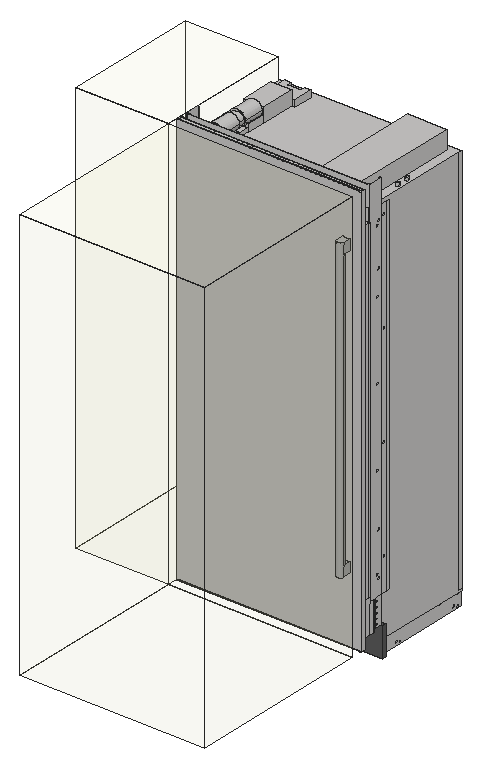
Revit family "P190780JX-225c_JKCPL361GL_StainlessSteel_JA_Refrigeration_Columns", category Specialty Equipment, Revit 2026
Family settings
  Round Connector Dimension = Use Diameter
  Part Type = Normal
  Work Plane-Based = No
  Enable Cutting in Views = No
  Always vertical = Yes
  Cut with Voids When Loaded = No
  Maintain Annotation Orientation = No
  Shared = No
  Room Calculation Point = No
Parameters (values of type "JKCPL361GL")
  Width = 35 3/4"
  Voltage = 0 V
  URL = ""
  Show Clearance [instance] = yes
  Model = "JKCPL361GL"
  Manufacturer = "Jenn Air"
  Wheel Material = ARCAT - Plastic - Black
  Installation-Fabrication = ""
  Height = 83 7/16"
  Handle Material = ARCAT - Metal - Steel - Gray
  Feature 3 = ""
  Feature 2 = ""
  Feature 1 = ""
  Family Name = "36\" Column Panel Kits - JBRFL36IGX"
  Energy Guide = ""
  Drawn By = ""
  Door Material = ARCAT - Metal - Steel - Stainless
  Dimension Guide = ""
  Description = ""
  Depth = 26 5/8"
  Default Elevation = 0"
  Copyright = ""
  Clearance Material = ARCAT - Clearance
  Body Material = ARCAT - Metal - Steel - Stainless
  Amps = 0 A
  Accent Material = ARCAT - Metal - Steel - Black
Reference planes (in)
  plane 1 "Center (Front/Back)": y = 0
  plane 2: z = 0
  plane 3 "Center (Left/Right)": x = 0
  plane 4: z = 83.4375
  plane 5: y = -26.625
  plane 6: x = -17.875
  plane 7: x = 17.875
Forms (in)
  Extrusion 1, solid, material "ARCAT - Metal - Steel - Stainless" <- "Door Material"
    sketch origin (-8.875, 5, 48) x (0, 1, 0) y (0, 0, 1)
      loop
        arc (-29.5, -44.5625) -> (-29.48169, -44.60669) -> (-29.4375, -44.625) r 0.0625
        line (-29.4375, -44.625) -> (-28.75, -44.625)
        arc (-28.75, -44.625) -> (-28.70581, -44.60669) -> (-28.6875, -44.5625) r 0.0625
        line (-28.6875, -44.5625) -> (-28.6875, 35.1875)
        arc (-28.6875, 35.1875) -> (-28.70581, 35.23169) -> (-28.75, 35.25) r 0.0625
        line (-28.75, 35.25) -> (-29.4375, 35.25)
        arc (-29.4375, 35.25) -> (-29.48169, 35.23169) -> (-29.5, 35.1875) r 0.0625
        line (-29.5, 35.1875) -> (-29.5, -44.5625)
    from -9 to 26.75
  Extrusion 2, solid, material "ARCAT - Metal - Steel - Stainless" <- "Body Material"
    sketch origin (-65.7262, -180.75, 3) x (-1, 0, 0) y (0, -1, 0)
      loop
        line (-48.17151, -180.75) -> (-48.17151, -158.625) -> (-83.28089, -158.625) -> (-83.28089, -180.75) -> (-48.17151, -180.75)
    from 0.1497 to 76.39638
  Extrusion 3, solid, material "ARCAT - Metal - Steel - Stainless" <- "Body Material"
    sketch origin (14.15625, 19.833, 48) x (0, 1, 0) y (0, 0, 1)
      loop
        line (-20.11425, -44.8503) -> (-38.40962, -44.8503) -> (-38.40962, -47.4375) -> (-20.11425, -47.4375) -> (-20.11425, -44.8503)
    from -31.71094 to 3.39844
  Extrusion 4, solid, material "ARCAT - Metal - Steel - Stainless" <- "Body Material"
    sketch origin (14.15625, -0.25, 0.5) x (0, 0, 1) y (1, 0, 0)
      loop
        circle (1.25, -14.15625) r 0.25
    from 0 to -0.03125
  Extrusion 5, void
    sketch origin (11.8125, -0.75, 3) x (0, 1, 0) y (0, 0, -1)
      loop
        line (-21.375, -0.1497) -> (-21.375, -8.18519) -> (-19.14435, -8.18519) -> (-19.14435, -2.99196) -> (-17.94092, -2.99196) -> (-17.94092, -0.1497) -> (-21.375, -0.1497)
    from -5.74219 to 29.36719
  Extrusion 6, solid, material "ARCAT - Metal - Steel - Black" <- "Accent Material"
    sketch origin (14.15625, 22.77844, 48) x (0, 1, 0) y (0, 0, 1)
      loop
        line (-41.56342, -42.22131) -> (-42.28911, -42.22131) -> (-42.28911, -48) -> (-41.56342, -48) -> (-41.56342, -42.22131)
    from -32.03125 to 3.71875
  Extrusion 7, solid, material "ARCAT - Metal - Steel - Stainless" <- "Body Material"
    sketch origin (-11.8125, -1.38965, 4.65319) x (0, -1, 0) y (0, 0, 1)
      loop
        line (18.50469, 1.33877) -> (19.69686, 1.33877) -> (19.69686, 6.532) -> (18.50469, 6.532) -> (18.50469, 1.33877)
    from -29.59375 to 5.96875
  Extrusion 8, solid, material "ARCAT - Metal - Steel - Stainless" <- "Body Material"
    sketch origin (0, 0, 0) x (1, 0, 0) y (0, 1, 0)
      loop
        arc (-17.28125, -21.08651) -> (-17.6348, -21.23296) -> (-17.78125, -21.58651) r 0.5
        line (-17.78125, -21.58651) -> (-17.78125, -22.36974) -> (17.78125, -22.36974) -> (17.78125, -21.58651)
        arc (17.78125, -21.58651) -> (17.6348, -21.23296) -> (17.28125, -21.08651) r 0.5
        line (17.28125, -21.08651) -> (-17.28125, -21.08651)
    from 5.45353 to 11.18519
  Extrusion 9, solid, material "ARCAT - Metal - Steel - Stainless" <- "Body Material"
    sketch origin (0, 20.26885, 5.25269) x (0, 1, 0) y (-1, 0, 0)
      loop
        line (-42.63859, 17.78125) -> (-43.95635, 17.78125) -> (-43.95635, -17.78125) -> (-42.63859, -17.78125) -> (-42.63859, 17.78125)
    from 0.20085 to 6.53891
  Extrusion 10, solid, material "ARCAT - Metal - Steel - Stainless" <- "Body Material"
    sketch origin (-7.375, -22.125, 13.7122) x (0, -1, 0) y (1, 0, 0)
      loop
        line (0.24474, -10.40625) -> (0.70727, -10.40625) -> (0.70727, -10.35684) -> (1.4367, -10.35684) -> (1.4367, 25.10684) -> (0.70727, 25.10684) -> (0.70727, 25.15625) -> (0.24474, 25.15625) -> (0.24474, -10.40625)
    from -1.9206 to 63.06568
  Extrusion 11, void
    sketch origin (-65.7262, -180.75, 79.39638) x (0, -1, 0) y (-1, 0, 0)
      loop
        line (-180.75, -48.17151) -> (-180.75, -48.20366) -> (-179.95, -48.20366) -> (-179.95, -48.17151) -> (-180.75, -48.17151)
    from 0 to 75.99668
  Extrusion 12, void
    sketch origin (65.7262, -180.75, 79.39638) x (0, 1, 0) y (1, 0, 0)
      loop
        line (180.75, -48.17151) -> (179.95, -48.17151) -> (179.95, -48.20366) -> (180.75, -48.20366) -> (180.75, -48.17151)
    from 0 to 75.99668
  Extrusion 13, void
    sketch origin (-8.78414, 0, 3.6497) x (-1, 0, 0) y (0, 0, -1)
      loop
        line (-25.36539, 0) -> (-25.36539, -7.5) -> (7.79711, -7.5) -> (7.79711, 0) -> (-25.36539, 0)
    from 0 to 0.75
  Extrusion 14, solid, material "ARCAT - Metal - Steel - Stainless" <- "Body Material"
    sketch origin (8.50724, 5.03125, 48.65556) x (0, 1, 0) y (0, 0, 1)
      loop
        line (-5.78125, -45.00586) -> (-5.28417, -45.00586)
        arc (-5.28417, -45.00586) -> (-5.03125, -44.75294) -> (-5.28417, -44.50002) r 0.25292
        line (-5.28417, -44.50002) -> (-5.78125, -44.50002) -> (-5.78125, -45.00586)
    from -25.08849 to 8.07401
  Extrusion 15, solid, material "ARCAT - Metal - Steel - Stainless" <- "Door Material"
    sketch origin (14.15625, -0.28125, 0.5) x (0, 0, 1) y (1, 0, 0)
      loop
        circle (1.40775, 1.63304) r 0.11328
      loop
        circle (1.89067, 0.85116) r 0.11328
      loop
        circle (2.16677, -11.69268) r 0.11328
      loop
        circle (1.40775, -29.94554) r 0.11328
      loop
        circle (1.89067, -29.16366) r 0.11328
      loop
        circle (0.41677, -11.69268) r 0.11328
    from 0 to 0.01563
  Extrusion 16, solid, material "ARCAT - Metal - Steel - Stainless" <- "Body Material"
    sketch origin (-8.78414, 0, 3) x (1, 0, 0) y (0, 0, -1)
      loop
        circle (25.95126, -0.48474) r 0.11344
      loop
        circle (-8.38298, -0.48474) r 0.11328
    from 0 to 0.01563
  Extrusion 17, solid, material "ARCAT - Metal - Steel - Stainless" <- "Body Material"
    sketch origin (11.8125, -18.69092, 3) x (0, 0, 1) y (-1, 0, 0)
      loop
        line (-2.4375, 29.14063) -> (-2.4375, 28.08897) -> (-2.90359, 28.08897) -> (-2.90359, 25.51831) -> (-2.4375, 25.51831) -> (-2.4375, 14.1897) -> (-2.57098, 14.1897) -> (-2.57098, 13.78067) -> (-3, 13.78067) -> (-3, 13.34317) -> (-2.50771, 13.34317) -> (-2.50771, 10.28183) -> (-3, 10.28183) -> (-3, 9.84433) -> (-2.57098, 9.84433) -> (-2.57098, 9.4353) -> (-2.4375, 9.4353) -> (-2.4375, -1.89331) -> (-2.90359, -1.89331) -> (-2.90359, -4.46397) -> (-2.4375, -4.46397) -> (-2.4375, -5.51562) -> (0.1497, -5.51562) -> (0.1497, 29.14063) -> (-2.4375, 29.14063)
    from 0 to -0.1143
  Extrusion 18, solid, material "ARCAT - Metal - Steel - Stainless" <- "Door Material"
    sketch origin (-16.34664, -0.75, 3.6497) x (1, 0, 0) y (0, 0, -1)
      loop
        circle (20.43617, -5.66173) r 0.11328
      loop
        circle (20.43617, -2.91173) r 0.11328
    from 0 to 0.03125
  Extrusion 19, solid, material "ARCAT - Metal - Steel - Stainless" <- "Body Material"
    sketch origin (-17.55469, 19.833, 48) x (0, -1, 0) y (0, 0, 1)
      loop
        circle (34.87046, -47.00579) r 0.16524
    from 0 to 0.01563
  Extrusion 20, solid, material "ARCAT - Metal - Steel - Stainless" <- "Body Material"
    sketch origin (-17.55469, 19.833, 48) x (0, -1, 0) y (0, 0, 1)
      loop
        circle (35.74546, -46.66204) r 0.16524
    from 0 to 0.01563
  Extrusion 21, solid, material "ARCAT - Metal - Steel - Stainless" <- "Body Material"
    sketch origin (-17.55469, 19.833, 48) x (0, -1, 0) y (0, 0, 1)
      loop
        circle (20.98476, -47.00579) r 0.16524
    from 0 to 0.01563
  Extrusion 22, solid, material "ARCAT - Metal - Steel - Stainless" <- "Body Material"
    sketch origin (-17.55469, 19.833, 48) x (0, -1, 0) y (0, 0, 1)
      loop
        circle (21.85976, -46.66204) r 0.16524
    from 0 to 0.01563
  Extrusion 23, void
    sketch origin (17.15968, -19.51067, 3) x (0, 0, 1) y (1, 0, 0)
      loop
        line (-1.48217, -15.85059) -> (-1.48217, -18.46877) -> (-1.0275, -18.46877) -> (-1.0275, -15.85059) -> (-1.48217, -15.85059)
    from 0 to 0.25
  Extrusion 24, void
    sketch origin (22.87985, 85.82514, 0.65625) x (-1, 0, 0) y (0, 1, 0)
      loop
        line (6.05408, -101.57746) -> (6.05408, -103.43933) -> (8.40965, -103.43933) -> (8.40965, -101.57746) -> (6.05408, -101.57746)
    from -1.0792 to 0.09375
  Extrusion 25, void
    sketch origin (22.87985, 99.60729, 0.65625) x (-1, 0, 0) y (0, 1, 0)
      loop
        line (6.05408, -101.57746) -> (6.05408, -103.43933) -> (8.40965, -103.43933) -> (8.40965, -101.57746) -> (6.05408, -101.57746)
    from -1.0792 to 0.09375
  Extrusion 26, solid, material "ARCAT - Plastic - Black" <- "Wheel Material"
    sketch origin (16.21596, -8.96965, 48.15625) x (0, 1, 0) y (0, 0, 1)
      loop
        circle (-7.7183, -47.32881) r 0.82744
    from -0.125 to 0.5
  Extrusion 27, solid, material "ARCAT - Plastic - Black" <- "Wheel Material"
    sketch origin (16.21596, 4.8125, 48.15625) x (0, 1, 0) y (0, 0, 1)
      loop
        circle (-7.7183, -47.32881) r 0.82744
    from -0.125 to 0.5
  Extrusion 28, solid, material "ARCAT - Plastic - Black" <- "Wheel Material"
    sketch origin (15.08886, 4.8125, 48.15625) x (0, 1, 0) y (0, 0, -1)
      loop
        circle (-7.7183, 47.32881) r 0.82744
    from -0.125 to 0.5
  Extrusion 29, solid, material "ARCAT - Plastic - Black" <- "Wheel Material"
    sketch origin (15.08886, -8.96965, 48.15625) x (0, 1, 0) y (0, 0, -1)
      loop
        circle (-7.7183, 47.32881) r 0.82744
    from -0.125 to 0.5
  Extrusion 30, solid, material "ARCAT - Plastic - Black" <- "Wheel Material"
    sketch origin (15.50485, -8.96965, 48.32744) x (0, -1, 0) y (0, 0, -1)
      loop
        circle (7.7183, 47.5) r 0.08852
    from -0.29098 to 0.58611
  Extrusion 31, solid, material "ARCAT - Plastic - Black" <- "Wheel Material"
    sketch origin (15.50485, 4.8125, 48.32744) x (0, -1, 0) y (0, 0, -1)
      loop
        circle (7.7183, 47.5) r 0.08852
    from -0.29098 to 0.58611
  Extrusion 32, solid, material "ARCAT - Metal - Steel - Stainless" <- "Body Material"
    sketch origin (35.82082, 0, 76.01402) x (1, 0, 0) y (0, 1, 0)
      loop
        line (-53.40676, -19.74427) -> (-53.37551, -19.74427) -> (-53.37551, -18.18466) -> (-53.40767, -18.18466) -> (-53.40767, -17.6669) -> (-53.37551, -17.6669) -> (-53.37551, -17.63565) -> (-53.43801, -17.63565) -> (-53.43801, -18.21591) -> (-53.40676, -18.21591) -> (-53.40676, -19.74427)
    from -64.82883 to 2.72611
  Extrusion 33, solid, material "ARCAT - Metal - Steel - Stainless" <- "Body Material"
    sketch origin (35.82082, -2.379, 76.01402) x (1, 0, 0) y (0, 1, 0)
      loop
        line (-53.60207, -19.99074) -> (-53.37551, -19.99074) -> (-53.37551, -17.36527) -> (-53.60207, -17.36527) -> (-53.60207, -19.99074)
    from -64.82883 to 3.38236
  Extrusion 34, solid, material "ARCAT - Metal - Steel - Stainless" <- "Body Material"
    sketch origin (-17.78125, -62.50668, 76.04061) x (0, 1, 0) y (0, 0, -1)
      loop
        circle (42.04654, -0.32013) r 0.18626
      loop
        circle (41.65641, 0.47158) r 0.18626
      loop
        circle (42.04654, 8.0777) r 0.18626
      loop
        circle (41.65641, 12.86925) r 0.18626
      loop
        circle (41.65641, 27.91253) r 0.18626
      loop
        circle (41.65641, 42.96329) r 0.18626
      loop
        circle (42.04654, 53.3277) r 0.18626
      loop
        circle (42.04654, 61.73713) r 0.18626
      loop
        circle (41.65641, 60.93725) r 0.18626
      loop
        circle (42.4352, -6.29337) r 0.05584
      loop
        circle (42.4352, -5.35973) r 0.05584
      loop
        circle (42.4352, -4.37871) r 0.05584
      loop
        circle (40.72751, 4.11689) r 0.05584
      loop
        circle (40.72751, 13.48756) r 0.05584
      loop
        circle (40.72751, 22.89733) r 0.05584
      loop
        circle (40.72751, 32.19553) r 0.05584
      loop
        circle (40.72751, 41.60669) r 0.05584
      loop
        circle (40.72751, 50.98795) r 0.05584
      loop
        circle (40.72751, 60.3583) r 0.05584
    from 0 to 0.00781
  Extrusion 35, solid, material "ARCAT - Metal - Steel - Stainless" <- "Body Material"
    sketch origin (-17.78067, -1.3584, 4.65319) x (0, -1, 0) y (0, 0, 1)
      loop
        circle (19.54131, 1.97258) r 0.11458
      loop
        circle (19.54131, 2.92071) r 0.11328
      loop
        circle (19.54131, 3.88545) r 0.11328
      loop
        circle (19.54131, 4.94795) r 0.11328
      loop
        circle (19.54131, 5.9167) r 0.11328
    from 0.00058 to 0.00839
  Extrusion 36, solid, material "ARCAT - Metal - Steel - Stainless" <- "Body Material"
    sketch origin (-17.55469, 16.50089, 33.41734) x (0, -1, 0) y (0, 0, 1)
      loop
        circle (35.75118, -23.91102) r 0.04308
      loop
        circle (35.75118, -24.24744) r 0.04308
      loop
        circle (35.75118, -24.58386) r 0.04308
      loop
        circle (35.75118, -24.92028) r 0.04308
      loop
        circle (35.75118, -25.92954) r 0.04308
      loop
        circle (35.75118, -25.59312) r 0.04308
      loop
        circle (35.75118, -25.2567) r 0.04308
    from 0 to 0.01563
  Extrusion 37, solid, material "ARCAT - Metal - Steel - Black" <- "Accent Material"
    sketch origin (-9, 20.35479, 11.7916) x (0, 1, 0) y (-1, 0, 0)
      loop
        circle (-43.21307, 7.875) r 0.45676
    from 0.18059 to 1.74
  Extrusion 38, solid, material "ARCAT - Metal - Steel - Stainless" <- "Body Material"
    sketch origin (-16.375, -22.125, 13.7122) x (0, -1, 0) y (-1, 0, 0)
      loop
        line (0.24474, 1) -> (0.24474, -0.62489) -> (1.26157, -0.62489) -> (1.26157, 1) -> (0.24474, 1)
    from 0 to 0.18059
  Extrusion 39, solid, material "ARCAT - Metal - Steel - Stainless" <- "Body Material"
    sketch origin (-16.375, -22.125, 11.9722) x (0, -1, 0) y (-1, 0, 0)
      loop
        line (0.24474, 1) -> (0.24474, -0.62489) -> (1.26157, -0.62489) -> (1.26157, 1) -> (0.24474, 1)
    from 0 to 0.18059
  Extrusion 40, solid, material "ARCAT - Metal - Steel - Stainless" <- "Body Material"
    sketch origin (-16.24707, -23.51871, 48) x (1, 0, 0) y (0, 0, 1)
      loop
        line (-1.12793, -34.2878) -> (-1.12793, -36.2084) -> (0.49696, -36.2084) -> (0.49696, -34.2878) -> (-1.12793, -34.2878)
    from 0 to -0.13214
  Extrusion 41, solid, material "ARCAT - Metal - Steel - Stainless" <- "Body Material"
    sketch origin (-17.58594, -19.37083, 76.27835) x (0, 1, 0) y (0, 0, -1)
      loop
        circle (0.42182, -0.63607) r 0.18645
      loop
        circle (0.42182, 19.11393) r 0.18645
      loop
        circle (0.42182, 38.80128) r 0.18645
      loop
        circle (0.42182, 58.76836) r 0.18645
    from 0 to 0.01563
  Extrusion 42, solid, material "ARCAT - Metal - Steel - Stainless" <- "Body Material"
    sketch origin (-35.82082, -2.379, 76.01402) x (-1, 0, 0) y (0, -1, 0)
      loop
        line (-53.60207, 19.99074) -> (-53.60207, 17.36527) -> (-53.37551, 17.36527) -> (-53.37551, 19.99074) -> (-53.60207, 19.99074)
    from -64.82883 to 3.38236
  Extrusion 43, solid, material "ARCAT - Metal - Steel - Stainless" <- "Body Material"
    sketch origin (17.78125, -62.50668, 76.04061) x (0, 1, 0) y (0, 0, 1)
      loop
        circle (42.04654, 0.44513) r 0.18626
      loop
        circle (41.65641, -0.34658) r 0.18626
      loop
        circle (42.04654, -7.9527) r 0.18626
      loop
        circle (41.65641, -12.74425) r 0.18626
      loop
        circle (41.65641, -27.78753) r 0.18626
      loop
        circle (41.65641, -42.83829) r 0.18626
      loop
        circle (42.04654, -53.2027) r 0.18626
      loop
        circle (42.4352, 6.41837) r 0.05584
      loop
        circle (42.4352, 5.48473) r 0.05584
      loop
        circle (42.4352, 4.50371) r 0.05584
      loop
        circle (40.72751, -3.99189) r 0.05584
      loop
        circle (40.72751, -13.36256) r 0.05584
      loop
        circle (40.72751, -22.77233) r 0.05584
      loop
        circle (40.72751, -32.07053) r 0.05584
      loop
        circle (40.72751, -41.48169) r 0.05584
      loop
        circle (40.72751, -50.86295) r 0.05584
      loop
        circle (42.04654, -61.61213) r 0.18626
      loop
        circle (41.65641, -60.81225) r 0.18626
      loop
        circle (40.72751, -60.2333) r 0.05584
    from 0 to 0.00781
  Extrusion 44, solid, material "ARCAT - Metal - Steel - Stainless" <- "Body Material"
    sketch origin (17.78067, -1.3584, 4.65319) x (0, -1, 0) y (0, 0, -1)
      loop
        circle (19.54131, -1.97258) r 0.11458
      loop
        circle (19.54131, -2.92071) r 0.11328
      loop
        circle (19.54131, -3.88545) r 0.11328
      loop
        circle (19.54131, -4.94795) r 0.11328
      loop
        circle (19.54131, -5.9167) r 0.11328
    from 0.00058 to 0.00839
  Extrusion 45, solid, material "ARCAT - Metal - Steel - Stainless" <- "Body Material"
    sketch origin (17.55469, 16.50089, 33.41734) x (0, -1, 0) y (0, 0, -1)
      loop
        circle (35.75118, 23.91102) r 0.04308
      loop
        circle (35.75118, 24.24744) r 0.04308
      loop
        circle (35.75118, 24.58386) r 0.04308
      loop
        circle (35.75118, 24.92028) r 0.04308
      loop
        circle (35.75118, 25.92954) r 0.04308
      loop
        circle (35.75118, 25.59312) r 0.04308
      loop
        circle (35.75118, 25.2567) r 0.04308
    from 0 to 0.01563
  Extrusion 46, solid, material "ARCAT - Metal - Steel - Stainless" <- "Body Material"
    sketch origin (17.58594, -19.37083, 76.27835) x (0, 1, 0) y (0, 0, 1)
      loop
        circle (0.42182, 0.63607) r 0.18645
      loop
        circle (0.42182, -19.23893) r 0.18645
      loop
        circle (0.42182, -38.92628) r 0.18645
      loop
        circle (0.42182, -58.76836) r 0.18645
    from 0 to 0.01563
  Extrusion 47, void
    sketch origin (-17.73184, -22.83227, 13.7122) x (0, 1, 0) y (0, 0, 1)
      loop
        line (-0.72942, -1.9206) -> (0.46253, -1.9206) -> (0.46253, 0) -> (-0.72942, 0) -> (-0.72942, -1.9206)
    from -0.04941 to 1.98173
  Extrusion 48, solid, material "ARCAT - Plastic - Black" <- "Wheel Material"
    sketch origin (-16.21596, -8.96965, 48.15625) x (0, 1, 0) y (0, 0, -1)
      loop
        circle (-7.7183, 47.32881) r 0.82744
    from -0.125 to 0.5
  Extrusion 49, solid, material "ARCAT - Plastic - Black" <- "Wheel Material"
    sketch origin (-16.21596, 4.8125, 48.15625) x (0, 1, 0) y (0, 0, -1)
      loop
        circle (-7.7183, 47.32881) r 0.82744
    from -0.125 to 0.5
  Extrusion 50, solid, material "ARCAT - Plastic - Black" <- "Wheel Material"
    sketch origin (-15.08886, 4.8125, 48.15625) x (0, 1, 0) y (0, 0, 1)
      loop
        circle (-7.7183, -47.32881) r 0.82744
    from -0.125 to 0.5
  Extrusion 51, solid, material "ARCAT - Plastic - Black" <- "Wheel Material"
    sketch origin (-15.08886, -8.96965, 48.15625) x (0, 1, 0) y (0, 0, 1)
      loop
        circle (-7.7183, -47.32881) r 0.82744
    from -0.125 to 0.5
  Extrusion 52, solid, material "ARCAT - Plastic - Black" <- "Wheel Material"
    sketch origin (-15.50485, -8.96965, 48.32744) x (0, -1, 0) y (0, 0, 1)
      loop
        circle (7.7183, -47.5) r 0.08852
    from -0.29098 to 0.58611
  Extrusion 53, solid, material "ARCAT - Plastic - Black" <- "Wheel Material"
    sketch origin (-15.50485, 4.8125, 48.32744) x (0, -1, 0) y (0, 0, 1)
      loop
        circle (7.7183, -47.5) r 0.08852
    from -0.29098 to 0.58611
  Extrusion 54, solid, material "ARCAT - Metal - Steel - Stainless" <- "Body Material"
    sketch origin (17.55469, 19.833, 48) x (0, -1, 0) y (0, 0, -1)
      loop
        circle (34.87046, 47.00579) r 0.16524
    from 0 to 0.01563
  Extrusion 55, solid, material "ARCAT - Metal - Steel - Stainless" <- "Body Material"
    sketch origin (17.55469, 19.833, 48) x (0, -1, 0) y (0, 0, -1)
      loop
        circle (35.74546, 46.66204) r 0.16524
    from 0 to 0.01563
  Extrusion 56, solid, material "ARCAT - Metal - Steel - Stainless" <- "Body Material"
    sketch origin (17.55469, 19.833, 48) x (0, -1, 0) y (0, 0, -1)
      loop
        circle (20.98476, 47.00579) r 0.16524
    from 0 to 0.01563
  Extrusion 57, solid, material "ARCAT - Metal - Steel - Stainless" <- "Body Material"
    sketch origin (17.55469, 19.833, 48) x (0, -1, 0) y (0, 0, -1)
      loop
        circle (21.85976, 46.66204) r 0.16524
    from 0 to 0.01563
  Extrusion 58, solid, material "ARCAT - Metal - Steel - Stainless" <- "Body Material"
    sketch origin (-35.82082, 0, 76.01402) x (-1, 0, 0) y (0, -1, 0)
      loop
        line (-53.40676, 19.74427) -> (-53.40676, 18.21591) -> (-53.43801, 18.21591) -> (-53.43801, 17.63565) -> (-53.37551, 17.63565) -> (-53.37551, 17.6669) -> (-53.40767, 17.6669) -> (-53.40767, 18.18466) -> (-53.37551, 18.18466) -> (-53.37551, 19.74427) -> (-53.40676, 19.74427)
    from -64.82883 to 2.72611
  Extrusion 59, void
    sketch origin (-22.87985, 85.82514, 0.65625) x (-1, 0, 0) y (0, 1, 0)
      loop
        line (-6.05408, -101.57746) -> (-8.40965, -101.57746) -> (-8.40965, -103.43933) -> (-6.05408, -103.43933) -> (-6.05408, -101.57746)
    from -1.0792 to 0.09375
  Extrusion 60, void
    sketch origin (-22.87985, 99.60729, 0.65625) x (-1, 0, 0) y (0, 1, 0)
      loop
        line (-6.05408, -101.57746) -> (-8.40965, -101.57746) -> (-8.40965, -103.43933) -> (-6.05408, -103.43933) -> (-6.05408, -101.57746)
    from -1.0792 to 0.09375
  Extrusion 61, solid, material "ARCAT - Metal - Steel - Stainless" <- "Body Material"
    sketch origin (-65.9762, -180.75, 79.39638) x (-1, 0, 0) y (0, -1, 0)
      loop
        circle (-49.32343, -168.74526) r 0.29688
    from 0 to 0.49818
  Extrusion 62, solid, material "ARCAT - Metal - Steel - Stainless" <- "Body Material"
    sketch origin (-65.9762, -183.0625, 79.39638) x (-1, 0, 0) y (0, -1, 0)
      loop
        circle (-49.32343, -168.74526) r 0.29688
    from 0 to 0.49818
  Extrusion 63, solid, material "ARCAT - Metal - Steel - Stainless" <- "Body Material"
    sketch origin (-65.7262, -180.75, 79.39638) x (-1, 0, 0) y (0, -1, 0)
      loop
        line (-48.27747, -160.94323) -> (-48.27747, -161.00573) -> (-47.94495, -161.00573) -> (-47.94495, -158.38026) -> (-83.50745, -158.38026) -> (-83.50745, -161.00573) -> (-83.17493, -161.00573) -> (-83.17493, -160.94323) -> (-83.44437, -160.94323) -> (-83.44437, -158.44276) -> (-48.00803, -158.44276) -> (-48.00803, -160.94323) -> (-48.27747, -160.94323)
    from 0 to 4.04112
  Extrusion 64, solid, material "ARCAT - Metal - Steel - Stainless" <- "Body Material"
    sketch origin (65.9762, -180.75, 79.39638) x (1, 0, 0) y (0, 1, 0)
      loop
        circle (-49.32343, 168.74526) r 0.29688
    from 0 to 0.49818
  Extrusion 65, solid, material "ARCAT - Metal - Steel - Stainless" <- "Body Material"
    sketch origin (65.9762, -183.0625, 79.39638) x (1, 0, 0) y (0, 1, 0)
      loop
        circle (-49.32343, 168.74526) r 0.29688
    from 0 to 0.49818
  Extrusion 66, void
    sketch origin (-8.875, -24.5, 4.10938) x (0, 0, -1) y (-1, 0, 0)
      loop
        line (-79.32812, 8.71094) -> (-79.32812, -26.46094) -> (-79.14062, -26.46094) -> (-79.14062, 8.71094) -> (-79.32812, 8.71094)
    from 2.13026 to 2.19276
  Extrusion 67, solid, material "ARCAT - Metal - Steel - Stainless" <- "Body Material"
    sketch origin (8.21711, -20.63895, 51.38236) x (0, 1, 0) y (0, 0, 1)
      loop
        line (-1.48605, 31.68824) -> (-1.48605, 28.13902) -> (19.29964, 28.13902) -> (19.29964, 31.68824) -> (-1.48605, 31.68824)
    from -0.04094 to 7.53289
  Extrusion 68, solid, material "ARCAT - Metal - Steel - Stainless" <- "Body Material"
    sketch origin (-13.1102, -11.84646, 81.08388) x (0, 0, -1) y (-1, 0, 0)
      loop
        line (0.89766, -1.14265) -> (0.89766, -1.9671) -> (1.5625, -1.9671) -> (1.5625, 1.9671) -> (0.89766, 1.9671) -> (0.89766, 1.14265)
        arc (0.89766, 1.14265) -> (1.34764, 0) -> (0.89766, -1.14265) r 1.67577
    from -5.86193 to -3.89572
  Revolve 69, solid, material "ARCAT - Metal - Steel - Stainless" <- "Body Material"
    sketch origin (-8.84375, 84.32514, 81.30263) x (0, 1, 0) y (-1, 0, 0)
      loop
        arc (-105.57079, 5.68558) -> (-105.73682, 5.61681) -> (-105.80559, 5.45078) r 0.2348
        line (-105.80559, 5.45078) -> (-105.80559, 4.26645) -> (-96.20526, 4.26645) -> (-96.20526, 5.80159) -> (-100.17288, 5.80159) -> (-100.17288, 5.47346) -> (-101.62545, 5.47346) -> (-101.62545, 5.68558) -> (-105.57079, 5.68558)
      axis (-96.20526, 4.26645) -> (-105.80559, 4.26645)
    angle from 180 to -180
  Extrusion 70, solid, material "ARCAT - Metal - Steel - Stainless" <- "Body Material"
    sketch origin (-13.1102, -9.72498, 81.08388) x (0, 0, -1) y (-1, 0, 0)
      loop
        line (0.17413, -1.9671) -> (1.5625, -1.9671) -> (1.5625, 1.9671) -> (0.17413, 1.9671) -> (0.17413, 1.59873)
        arc (0.17413, 1.59873) -> (1.34764, 0) -> (0.17413, -1.59873) r 1.67577
        line (0.17413, -1.59873) -> (0.17413, -1.9671)
    from -5.95383 to -2.27502
  Extrusion 71, solid, material "ARCAT - Metal - Steel - Stainless" <- "Body Material"
    sketch origin (-8.78125, 78.04148, 3.88236) x (0, 1, 0) y (-1, 0, 0)
      loop
        line (-83.25427, 6.33556) -> (-89.9216, 6.33556) -> (-89.9216, 2.33556) -> (-83.25427, 2.33556) -> (-83.25427, 6.33556)
    from 75.51402 to 78.24135
  Extrusion 72, solid, material "ARCAT - Metal - Steel - Stainless" <- "Body Material"
    sketch origin (36.03176, -0.53366, 79.39638) x (1, 0, 0) y (0, 1, 0)
      loop
        line (-51.63225, -4.67913) -> (-46.52666, -4.67913) -> (-46.52666, -0.80565) -> (-47.77666, -0.80565) -> (-47.77666, -1.65904) -> (-50.38225, -1.65904) -> (-50.38225, -0.80565) -> (-51.63225, -0.80565) -> (-51.63225, -4.67913)
    from 0 to 1.2278
  Extrusion 73, solid, material "ARCAT - Metal - Steel - Stainless" <- "Body Material"
    sketch origin (7.99575, -22.125, 82.41309) x (0, 0, 1) y (-1, 0, 0)
      loop
        line (-0.28939, -0.18042) -> (-0.28939, 0.45776) -> (-1.35576, 0.45776) -> (-1.35576, -0.18042) -> (-0.28939, -0.18042)
    from 0 to -0.03125
  Extrusion 74, solid, material "ARCAT - Metal - Steel - Black" <- "Accent Material"
    sketch origin (-9, 20.35479, 76.77788) x (0, 1, 0) y (-1, 0, 0)
      loop
        circle (-43.21307, 7.875) r 0.45676
    from 0.18059 to 1.77475
  Extrusion 75, solid, material "ARCAT - Metal - Steel - Stainless" <- "Body Material"
    sketch origin (-16.375, -22.125, 78.69848) x (0, -1, 0) y (-1, 0, 0)
      loop
        line (0.24474, 1) -> (0.24474, -0.62489) -> (1.26157, -0.62489) -> (1.26157, 1) -> (0.24474, 1)
    from -0.04165 to 0.14585
  Extrusion 76, solid, material "ARCAT - Metal - Steel - Stainless" <- "Body Material"
    sketch origin (-16.375, -22.125, 76.95847) x (0, -1, 0) y (-1, 0, 0)
      loop
        line (0.24474, 1) -> (0.24474, -0.62489) -> (1.26157, -0.62489) -> (1.26157, 1) -> (0.24474, 1)
    from 0 to 0.18059
  Extrusion 77, solid, material "ARCAT - Metal - Steel - Stainless" <- "Body Material"
    sketch origin (-16.24707, -23.51871, 112.98628) x (1, 0, 0) y (0, 0, 1)
      loop
        line (-1.12793, -34.12115) -> (-1.12793, -36.0834) -> (0.49696, -36.0834) -> (0.49696, -34.12115) -> (-1.12793, -34.12115)
    from 0 to -0.13214
  Extrusion 78, solid, material "ARCAT - Clearance" <- "Clearance Material", visible <- "Show Clearance", detail levels medium+fine
    sketch origin (-20.02372, -21.73007, 27.5) x (1, 0, 0) y (0, 1, 0)
      loop
        line (2.14872, -4.89493) -> (2.14872, -40.76993) -> (37.89872, -40.76993) -> (37.89872, -4.89493) -> (2.14872, -4.89493)
    from -24.125 to 55.75
  Extrusion 79, solid, material "ARCAT - Metal - Steel - Gray" <- "Handle Material"
    sketch origin (21.22869, -27.47786, 48.73744) x (-1, 0, 0) y (0, -1, 0)
      loop
        circle (6.32779, -1.54031) r 0.68744
    from -32.48744 to 25.45006
  Extrusion 80, solid, material "ARCAT - Metal - Steel - Gray" <- "Handle Material"
    sketch origin (43.33761, -180, 74.1875) x (1, 0, 0) y (0, 1, 0)
      loop
        arc (-29.12415, 154.06244) -> (-28.4367, 154.74989) -> (-27.74926, 154.06244) r 0.68744
        line (-27.74926, 154.06244) -> (-27.74926, 155.5) -> (-29.12415, 155.5) -> (-29.12415, 154.06244)
    from -2 to 0
  Extrusion 81, solid, material "ARCAT - Metal - Steel - Gray" <- "Handle Material"
    sketch origin (43.33761, -180, 18.25) x (1, 0, 0) y (0, 1, 0)
      loop
        arc (-29.12415, 154.06244) -> (-28.4367, 154.74989) -> (-27.74926, 154.06244) r 0.68744
        line (-27.74926, 154.06244) -> (-27.74926, 155.5) -> (-29.12415, 155.5) -> (-29.12415, 154.06244)
    from -2 to 0
  Extrusion 82, solid, material "ARCAT - Clearance" <- "Clearance Material", visible <- "Show Clearance", detail levels medium+fine
    sketch origin (-14.07003, -21.66757, 27.5) x (-1, 0, 0) y (0, -1, 0)
      loop
        line (3.80497, -21.66757) -> (21.80497, -21.66757) -> (21.80497, 4.95743) -> (3.80497, 4.95743) -> (3.80497, -21.66757)
    from -24.125 to 55.75
Cuts and joins
  Extrusion 5, Extrusion 11, Extrusion 12, Extrusion 13 cuts Extrusion 2
  Extrusion 5, Extrusion 12, Extrusion 24, Extrusion 25, Extrusion 59, Extrusion 60 cuts Extrusion 3
  Extrusion 5 cuts Extrusion 1
  Extrusion 23 cuts Extrusion 6
  Extrusion 47 cuts Extrusion 9
  Extrusion 47 cuts Extrusion 10
  Extrusion 59 cuts Extrusion 26
  Extrusion 59 cuts Extrusion 29
  Extrusion 59 cuts Extrusion 30
  Extrusion 60 cuts Extrusion 27
  Extrusion 60 cuts Extrusion 28
  Extrusion 60 cuts Extrusion 31
  Extrusion 66 cuts Extrusion 63
  joined: Extrusion 33, Extrusion 42, Extrusion 63
  joined: Extrusion 79, Extrusion 80, Extrusion 81
Lines and regions (in)
  symbolic lines, style "SpecialityEquipment"
    curve 1: line (-17.875, 0, 0) -> (17.875, 0, 0)
    curve 2: line (-17.875, -24.5, 0) -> (-17.875, 0, 0)
    curve 3: line (17.875, -24.5, 0) -> (-17.875, -24.5, 0)
    curve 4: line (17.875, 0, 0) -> (17.875, -24.5, 0)
    curve 17: line (15.58835, -25.93756, 47.02904) -> (15.58835, -24.5, 47.02904)
    curve 18: arc (14.21346, -25.93756, 47.02904) -> (14.90091, -26.625, 47.02904) -> (15.58835, -25.93756, 47.02904) r 0.68744
    curve 19: line (14.21346, -24.5, 47.02904) -> (14.21346, -25.93756, 47.02904)
  model lines
    curve 5: line (-17.55469, -19.74427, 11.18519) -> (-17.55469, -17.89435, 11.18519)
    curve 6: line (-17.55469, -17.89435, 11.18519) -> (-17.55469, -17.89435, 9.85276)
    curve 7: line (-17.55469, -17.89435, 9.85276) -> (-17.55469, -19.39435, 9.85276)
    curve 8: line (-17.55469, -19.39435, 9.85276) -> (-17.55469, -19.39435, 7.1865)
    curve 9: line (-17.55469, -19.39435, 7.1865) -> (-17.55469, -17.89435, 7.1865)
    curve 10: line (-17.55469, -17.89435, 7.1865) -> (-17.55469, -17.89435, 3.1497)
    curve 11: line (17.55469, -19.74427, 11.18519) -> (17.55469, -17.89435, 11.18519)
    curve 12: line (17.55469, -17.89435, 11.18519) -> (17.55469, -17.89435, 9.85276)
    curve 13: line (17.55469, -17.89435, 9.85276) -> (17.55469, -19.39435, 9.85276)
    curve 14: line (17.55469, -19.39435, 9.85276) -> (17.55469, -19.39435, 7.1865)
    curve 15: line (17.55469, -19.39435, 7.1865) -> (17.55469, -17.89435, 7.1865)
    curve 16: line (17.55469, -17.89435, 7.1865) -> (17.55469, -17.89435, 3.1497)
Dimensions and locks (in)
  "Height": plane 4 to level
  "Depth": plane 5 to plane 1 "Center (Front/Back)"
  equal spacing: plane 6, plane 3 "Center (Left/Right)", plane 7
  "Width": plane 6 to plane 7
  aligned and locked: plane 2 to level
Automatic sketch dimensions
  curve 3 to plane 6 = 0"
  curve 3 to plane 7 = 0"
  plane 1 "Center (Front/Back)" to curve 2 = 0"
  curve 4 to plane 5 = 2 1/8"
  Extrusion 1 sketch curve to plane 5 = 2 1/8"
  Extrusion 1 sketch curve to Extrusion 1 sketch curve = 1/16"  (x3)
  Extrusion 1 sketch curve to Extrusion 1 sketch curve = 11/16"  (x2)
  level to Extrusion 1 sketch curve = 3 3/8"
  Extrusion 1 sketch curve to plane 4 = 1/4"
  plane 1 "Center (Front/Back)" to Extrusion 2 sketch curve = 0"
  Extrusion 2 sketch curve to plane 7 = 41/128"
  plane 6 to Extrusion 2 sketch curve = 41/128"
  Extrusion 2 sketch curve to plane 5 = 4 1/2"
  level to Extrusion 3 sketch curve = 3.1497"
  Extrusion 3 sketch curve to plane 5 = 8.04838"
  plane 1 "Center (Front/Back)" to Extrusion 3 sketch curve = 9/32"
  level to Extrusion 3 sketch curve = 9/16"
  Extrusion 4 sketch curve to plane 3 "Center (Left/Right)" = 0"
  level to Extrusion 4 sketch curve = 1 3/4"
  Extrusion 5 sketch curve to plane 5 = 4 1/2"
  Extrusion 5 sketch curve to Extrusion 5 sketch curve = 2.23065"
  Extrusion 5 sketch curve to Extrusion 5 sketch curve = 1.20342"
  level to Extrusion 5 sketch curve = 11.18519"
  Extrusion 5 sketch curve to Extrusion 5 sketch curve = 5.19323"
  level to Extrusion 5 sketch curve = 3.1497"
  Extrusion 6 sketch curve to level = 0"
  Extrusion 6 sketch curve to plane 5 = 7.11433"
  Extrusion 6 sketch curve to Extrusion 6 sketch curve = 0.72569"
  level to Extrusion 6 sketch curve = 5.77869"
  Extrusion 7 sketch curve to plane 5 = 6.73065"
  Extrusion 7 sketch curve to Extrusion 7 sketch curve = 1.19217"
  level to Extrusion 7 sketch curve = 5.99196"
  Extrusion 7 sketch curve to Extrusion 7 sketch curve = 5.19323"
  plane 6 to Extrusion 8 sketch curve = 3/32"
  Extrusion 8 sketch curve to Extrusion 8 sketch curve = 1/2"
  Extrusion 8 sketch curve to plane 7 = 19/32"
  Extrusion 8 sketch curve to plane 7 = 3/32"
  Extrusion 8 sketch curve to plane 5 = 4.25526"
  Extrusion 8 sketch curve to Extrusion 8 sketch curve = 0.78323"
  plane 6 to Extrusion 9 sketch curve = 3/32"
  Extrusion 9 sketch curve to plane 5 = 2 15/16"
  Extrusion 9 sketch curve to Extrusion 9 sketch curve = 1.31776"
  Extrusion 9 sketch curve to plane 7 = 3/32"
  plane 6 to Extrusion 10 sketch curve = 3/32"
  Extrusion 10 sketch curve to plane 5 = 4.25526"
  plane 6 to Extrusion 10 sketch curve = 0.14316"
  Extrusion 10 sketch curve to Extrusion 10 sketch curve = 0.46253"  (x2)
  Extrusion 10 sketch curve to plane 7 = 0.14316"
  Extrusion 10 sketch curve to Extrusion 10 sketch curve = 0.72942"
  Extrusion 10 sketch curve to Extrusion 10 sketch curve = 0.04941"
  curve 19 to plane 5 = 0.68744"
  curve 19 to plane 7 = 3.66154"
  curve 19 to curve 18 = 0.68744"
  curve 18 to curve 19 = 1.43756"
  curve 19 to curve 17 = 0"
  Extrusion 11 sketch curve to Extrusion 2 = 0"  (x2)
  Extrusion 11 sketch curve to Extrusion 11 sketch curve = 0.8"
  Extrusion 11 sketch curve to Extrusion 11 sketch curve = 0.03214"
  Extrusion 12 sketch curve to Extrusion 2 = 0"  (x2)
  Extrusion 12 sketch curve to Extrusion 2 = 0.03214"
  Extrusion 12 sketch curve to Extrusion 12 sketch curve = 0.8"
  Extrusion 13 sketch curve to plane 7 = 1.29375"
  plane 6 to Extrusion 13 sketch curve = 1.29375"
  level to Extrusion 13 sketch curve = 11.1497"
  level to Extrusion 13 sketch curve = 3.6497"
  plane 1 "Center (Front/Back)" to Extrusion 14 sketch curve = 3/4"
  plane 1 "Center (Front/Back)" to Extrusion 14 sketch curve = 0.25292"
  level to Extrusion 14 sketch curve = 3.6497"
  Extrusion 14 sketch curve to Extrusion 14 sketch curve = 0.25292"
  Extrusion 3 to Extrusion 15 sketch curve = 0.35427"
  Extrusion 3 to Extrusion 15 sketch curve = 1.24195"  (x2)
  Extrusion 3 to Extrusion 15 sketch curve = 0.75903"  (x2)
  Extrusion 3 to Extrusion 15 sketch curve = 0.48293"
  Extrusion 3 to Extrusion 15 sketch curve = 1.7654"
  Extrusion 15 sketch curve to Extrusion 15 sketch curve = 0.78188"  (x2)
  Extrusion 3 to Extrusion 15 sketch curve = 15.09112"
  Extrusion 15 sketch curve to Extrusion 15 sketch curve = 0"
  Extrusion 3 to Extrusion 15 sketch curve = 2.54728"
  Extrusion 16 sketch curve to Extrusion 2 = 0.38757"  (x2)
  Extrusion 2 to Extrusion 16 sketch curve = 0.33504"  (x2)
  Extrusion 17 sketch curve to Extrusion 5 = 0"
  Extrusion 17 sketch curve to Extrusion 5 = 2.5872"  (x2)
  Extrusion 5 to Extrusion 17 sketch curve = 1.27822"  (x2)
  Extrusion 17 sketch curve to Extrusion 17 sketch curve = 0"  (x2)
  Extrusion 17 sketch curve to Extrusion 17 sketch curve = 0.07021"
  Extrusion 17 sketch curve to Extrusion 17 sketch curve = 0.13348"  (x2)
  Extrusion 17 sketch curve to Extrusion 17 sketch curve = 0.46609"  (x2)
  Extrusion 17 sketch curve to Extrusion 17 sketch curve = 0.49229"
  Extrusion 17 sketch curve to Extrusion 17 sketch curve = 0.42902"
  Extrusion 5 to Extrusion 17 sketch curve = 29/128"  (x2)
  Extrusion 17 sketch curve to Extrusion 17 sketch curve = 2.57066"  (x2)
  Extrusion 17 sketch curve to Extrusion 17 sketch curve = 11.32861"
  Extrusion 17 sketch curve to Extrusion 17 sketch curve = 0.40902"  (x2)
  Extrusion 17 sketch curve to Extrusion 17 sketch curve = 7/16"  (x2)
  Extrusion 17 sketch curve to Extrusion 17 sketch curve = 3.06135"
  Extrusion 18 sketch curve to Extrusion 13 = 2.91173"
  Extrusion 18 sketch curve to Extrusion 13 = 12.49171"
  Extrusion 18 sketch curve to Extrusion 18 sketch curve = 0"
  Extrusion 18 sketch curve to Extrusion 13 = 1.83827"
  Extrusion 19 sketch curve to Extrusion 3 = 0.43171"
  Extrusion 19 sketch curve to Extrusion 3 = 3.53917"
  Extrusion 20 sketch curve to Extrusion 3 = 0.77546"
  Extrusion 20 sketch curve to Extrusion 3 = 2.66417"
  Extrusion 21 sketch curve to Extrusion 3 = 0.43171"
  Extrusion 21 sketch curve to Extrusion 3 = 0.87051"
  Extrusion 22 sketch curve to Extrusion 3 = 0.77546"
  Extrusion 22 sketch curve to Extrusion 3 = 1.74551"
  level to Extrusion 23 sketch curve = 1.51783"
  Extrusion 23 sketch curve to Extrusion 23 sketch curve = 0.45467"
  Extrusion 23 sketch curve to plane 3 "Center (Left/Right)" = 1.30909"
  plane 3 "Center (Left/Right)" to Extrusion 23 sketch curve = 1.30909"
  Extrusion 24 sketch curve to plane 7 = 1.04923"
  Extrusion 24 sketch curve to Extrusion 24 sketch curve = 2.35557"
  Extrusion 24 sketch curve to plane 5 = 10.87268"
  Extrusion 24 sketch curve to Extrusion 24 sketch curve = 1.86187"
  Extrusion 25 sketch curve to plane 7 = 1.04923"
  Extrusion 25 sketch curve to Extrusion 25 sketch curve = 2.35557"
  plane 1 "Center (Front/Back)" to Extrusion 25 sketch curve = 1.97017"
  Extrusion 25 sketch curve to Extrusion 25 sketch curve = 1.86187"
  Extrusion 26 sketch curve to Extrusion 26 sketch curve = 0"  (x2)
  level to Extrusion 26 sketch curve = 0.82744"
  Extrusion 26 sketch curve to plane 5 = 9.93705"
  Extrusion 26 sketch curve to Extrusion 26 sketch curve = 0.82744"
  Extrusion 27 sketch curve to Extrusion 27 sketch curve = 0"  (x2)
  level to Extrusion 27 sketch curve = 0.82744"
  plane 1 "Center (Front/Back)" to Extrusion 27 sketch curve = 2.9058"
  Extrusion 27 sketch curve to Extrusion 27 sketch curve = 0.82744"
  Extrusion 28 sketch curve to Extrusion 28 sketch curve = 0"  (x2)
  level to Extrusion 28 sketch curve = 0.82744"
  plane 1 "Center (Front/Back)" to Extrusion 28 sketch curve = 2.9058"
  Extrusion 28 sketch curve to Extrusion 28 sketch curve = 0.82744"
  Extrusion 29 sketch curve to Extrusion 29 sketch curve = 0"  (x2)
  level to Extrusion 29 sketch curve = 0.82744"
  Extrusion 29 sketch curve to plane 5 = 9.93705"
  Extrusion 29 sketch curve to Extrusion 29 sketch curve = 0.82744"
  level to Extrusion 30 sketch curve = 0.82744"
  Extrusion 30 sketch curve to plane 5 = 9.93705"
  level to Extrusion 31 sketch curve = 0.82744"
  plane 1 "Center (Front/Back)" to Extrusion 31 sketch curve = 2.9058"
  plane 6 to Extrusion 32 sketch curve = 33/128"
  Extrusion 32 sketch curve to Extrusion 32 sketch curve = 0.03034"
  Extrusion 32 sketch curve to Extrusion 32 sketch curve = 1/32"  (x4)
  Extrusion 32 sketch curve to Extrusion 32 sketch curve = 0.03216"
  Extrusion 32 sketch curve to plane 5 = 6.88073"
  Extrusion 32 sketch curve to Extrusion 32 sketch curve = 1.52836"
  Extrusion 32 sketch curve to Extrusion 32 sketch curve = 0.51777"
  plane 6 to Extrusion 33 sketch curve = 3/32"
  Extrusion 33 sketch curve to Extrusion 33 sketch curve = 29/128"
  Extrusion 33 sketch curve to plane 5 = 4.25526"
  Extrusion 33 sketch curve to Extrusion 33 sketch curve = 2.62547"
  Extrusion 34 sketch curve to Extrusion 33 = 0.59057"  (x7)
  Extrusion 34 sketch curve to Extrusion 33 = 1.106"  (x4)
  Extrusion 34 sketch curve to Extrusion 34 sketch curve = 0.9289"
  Extrusion 34 sketch curve to Extrusion 33 = 0.71587"  (x4)
  Extrusion 34 sketch curve to Extrusion 33 = 0.32721"  (x3)
  Extrusion 34 sketch curve to Extrusion 33 = 2.9376"
  Extrusion 34 sketch curve to Extrusion 34 sketch curve = 0.93364"
  Extrusion 34 sketch curve to Extrusion 34 sketch curve = 0.98102"
  Extrusion 33 to Extrusion 34 sketch curve = 3.03564"
  Extrusion 34 sketch curve to Extrusion 34 sketch curve = 0.79171"
  Extrusion 34 sketch curve to Extrusion 34 sketch curve = 3.64531"
  Extrusion 34 sketch curve to Extrusion 34 sketch curve = 3.96081"
  Extrusion 34 sketch curve to Extrusion 34 sketch curve = 4.79155"
  Extrusion 34 sketch curve to Extrusion 34 sketch curve = 0.61831"
  Extrusion 34 sketch curve to Extrusion 34 sketch curve = 9.40977"
  Extrusion 34 sketch curve to Extrusion 34 sketch curve = 5.0152"
  Extrusion 34 sketch curve to Extrusion 34 sketch curve = 4.283"
  Extrusion 34 sketch curve to Extrusion 34 sketch curve = 9.41116"
  Extrusion 34 sketch curve to Extrusion 34 sketch curve = 1.3566"
  Extrusion 34 sketch curve to Extrusion 34 sketch curve = 8.02466"
  Extrusion 34 sketch curve to Extrusion 34 sketch curve = 2.33975"
  Extrusion 33 to Extrusion 34 sketch curve = 4.49713"
  Extrusion 34 sketch curve to Extrusion 34 sketch curve = 0.57895"
  Extrusion 34 sketch curve to Extrusion 34 sketch curve = 0.79989"
  Extrusion 35 sketch curve to plane 5 = 5.72529"
  Extrusion 35 sketch curve to Extrusion 35 sketch curve = 0"  (x4)
  level to Extrusion 35 sketch curve = 6.62577"
  Extrusion 35 sketch curve to Extrusion 35 sketch curve = 0.94813"
  Extrusion 35 sketch curve to Extrusion 35 sketch curve = 0.96473"
  Extrusion 35 sketch curve to Extrusion 35 sketch curve = 1 1/16"
  Extrusion 35 sketch curve to Extrusion 35 sketch curve = 31/32"
  Extrusion 36 sketch curve to plane 5 = 7.37471"
  Extrusion 36 sketch curve to Extrusion 36 sketch curve = 0"  (x6)
  level to Extrusion 36 sketch curve = 7.48781"
  Extrusion 36 sketch curve to Extrusion 36 sketch curve = 0.33642"  (x6)
  plane 6 to Extrusion 37 sketch curve = 1"
  Extrusion 37 sketch curve to plane 5 = 3.76671"
  plane 6 to Extrusion 38 sketch curve = 2.12489"
  Extrusion 38 sketch curve to plane 5 = 4.25526"
  plane 6 to Extrusion 38 sketch curve = 1/2"
  Extrusion 38 sketch curve to Extrusion 38 sketch curve = 1.01683"
  plane 6 to Extrusion 39 sketch curve = 2.12489"
  Extrusion 39 sketch curve to plane 5 = 4.25526"
  plane 6 to Extrusion 39 sketch curve = 1/2"
  Extrusion 39 sketch curve to Extrusion 39 sketch curve = 1.01683"
  plane 6 to Extrusion 40 sketch curve = 1/2"
  Extrusion 40 sketch curve to Extrusion 40 sketch curve = 1.62489"
  level to Extrusion 40 sketch curve = 11.7916"
  Extrusion 40 sketch curve to Extrusion 40 sketch curve = 1.9206"
  Extrusion 41 sketch curve to plane 5 = 7.67599"  (x4)
  Extrusion 41 sketch curve to plane 4 = 6.52308"
  Extrusion 41 sketch curve to Extrusion 41 sketch curve = 19 3/4"
  Extrusion 41 sketch curve to Extrusion 41 sketch curve = 19.68735"
  level to Extrusion 41 sketch curve = 17.51"
  curve 5 to plane 5 = 8.73065"
  curve 10 to curve 6 = 0"
  curve 9 to curve 9 = 1 1/2"
  level to curve 10 = 7.1865"
  curve 8 to curve 8 = 2.66626"
  curve 6 to curve 5 = 1.33243"
  curve 7 to curve 5 = 0.34992"
  level to curve 10 = 3.1497"
  Extrusion 42 sketch curve to plane 7 = 3/32"
  Extrusion 42 sketch curve to Extrusion 42 sketch curve = 29/128"
  Extrusion 42 sketch curve to plane 5 = 6.88073"
  Extrusion 42 sketch curve to Extrusion 42 sketch curve = 2.62547"
  Extrusion 43 sketch curve to plane 5 = 4.84583"  (x7)
  Extrusion 43 sketch curve to Extrusion 43 sketch curve = 0.9289"  (x5)
  Extrusion 43 sketch curve to Extrusion 43 sketch curve = 1.31903"  (x2)
  Extrusion 43 sketch curve to Extrusion 43 sketch curve = 0.39013"  (x2)
  Extrusion 43 sketch curve to plane 4 = 0.97852"
  Extrusion 43 sketch curve to Extrusion 43 sketch curve = 0.38866"
  Extrusion 43 sketch curve to Extrusion 43 sketch curve = 0"  (x2)
  Extrusion 43 sketch curve to Extrusion 43 sketch curve = 0.93364"
  Extrusion 43 sketch curve to Extrusion 43 sketch curve = 0.98102"
  Extrusion 43 sketch curve to Extrusion 43 sketch curve = 4 15/256"
  Extrusion 43 sketch curve to Extrusion 43 sketch curve = 0.79171"
  Extrusion 43 sketch curve to Extrusion 43 sketch curve = 3.64531"
  Extrusion 43 sketch curve to Extrusion 43 sketch curve = 3.96081"
  Extrusion 43 sketch curve to Extrusion 43 sketch curve = 4.79155"
  Extrusion 43 sketch curve to Extrusion 43 sketch curve = 0.61831"
  Extrusion 43 sketch curve to Extrusion 43 sketch curve = 9.40977"
  Extrusion 43 sketch curve to Extrusion 43 sketch curve = 5.0152"
  Extrusion 43 sketch curve to Extrusion 43 sketch curve = 4.283"
  Extrusion 43 sketch curve to Extrusion 43 sketch curve = 9.41116"
  Extrusion 43 sketch curve to Extrusion 43 sketch curve = 1.3566"
  Extrusion 43 sketch curve to Extrusion 43 sketch curve = 8.02466"
  Extrusion 43 sketch curve to Extrusion 43 sketch curve = 2.33975"
  Extrusion 43 sketch curve to Extrusion 43 sketch curve = 7.03059"
  Extrusion 43 sketch curve to Extrusion 43 sketch curve = 0.57895"
  Extrusion 43 sketch curve to Extrusion 43 sketch curve = 0.79989"
  Extrusion 44 sketch curve to plane 5 = 5.72529"
  Extrusion 44 sketch curve to Extrusion 44 sketch curve = 0"  (x4)
  level to Extrusion 44 sketch curve = 10.56989"
  Extrusion 44 sketch curve to Extrusion 44 sketch curve = 31/32"
  Extrusion 44 sketch curve to Extrusion 44 sketch curve = 1 1/16"
  Extrusion 44 sketch curve to Extrusion 44 sketch curve = 0.96473"
  Extrusion 44 sketch curve to Extrusion 44 sketch curve = 0.94813"
  Extrusion 45 sketch curve to plane 5 = 7.37471"
  Extrusion 45 sketch curve to Extrusion 45 sketch curve = 0"  (x6)
  level to Extrusion 45 sketch curve = 9.50632"
  Extrusion 45 sketch curve to Extrusion 45 sketch curve = 0.33642"  (x6)
  Extrusion 46 sketch curve to plane 5 = 7.67599"  (x4)
  level to Extrusion 46 sketch curve = 17.51"
  Extrusion 46 sketch curve to Extrusion 46 sketch curve = 19.84208"
  Extrusion 46 sketch curve to Extrusion 46 sketch curve = 19.68735"
  Extrusion 46 sketch curve to plane 4 = 6.52308"
  curve 11 to plane 5 = 8.73065"
  curve 16 to curve 12 = 0"
  curve 15 to curve 15 = 1 1/2"
  level to curve 11 = 11.18519"
  curve 11 to curve 12 = 1.33243"
  curve 13 to curve 15 = 2.66626"
  curve 13 to curve 11 = 0.34992"
  level to curve 16 = 3.1497"
  Extrusion 47 sketch curve to plane 5 = 3.0633"
  Extrusion 47 sketch curve to Extrusion 47 sketch curve = 1.19195"
  level to Extrusion 47 sketch curve = 11.7916"
  Extrusion 47 sketch curve to Extrusion 47 sketch curve = 1.9206"
  Extrusion 48 sketch curve to Extrusion 48 sketch curve = 0"  (x2)
  level to Extrusion 48 sketch curve = 0.82744"
  Extrusion 48 sketch curve to plane 5 = 9.93705"
  Extrusion 48 sketch curve to Extrusion 48 sketch curve = 0.82744"
  Extrusion 49 sketch curve to Extrusion 49 sketch curve = 0"  (x2)
  level to Extrusion 49 sketch curve = 0.82744"
  plane 1 "Center (Front/Back)" to Extrusion 49 sketch curve = 2.9058"
  Extrusion 49 sketch curve to Extrusion 49 sketch curve = 0.82744"
  Extrusion 50 sketch curve to Extrusion 50 sketch curve = 0"  (x2)
  level to Extrusion 50 sketch curve = 0.82744"
  plane 1 "Center (Front/Back)" to Extrusion 50 sketch curve = 2.9058"
  Extrusion 50 sketch curve to Extrusion 50 sketch curve = 0.82744"
  Extrusion 51 sketch curve to Extrusion 51 sketch curve = 0"  (x2)
  level to Extrusion 51 sketch curve = 0.82744"
  Extrusion 51 sketch curve to plane 5 = 9.93705"
  Extrusion 51 sketch curve to Extrusion 51 sketch curve = 0.82744"
  level to Extrusion 52 sketch curve = 0.82744"
  Extrusion 52 sketch curve to plane 5 = 9.93705"
  level to Extrusion 53 sketch curve = 0.82744"
  plane 1 "Center (Front/Back)" to Extrusion 53 sketch curve = 2.9058"
  level to Extrusion 54 sketch curve = 0.99421"
  Extrusion 54 sketch curve to plane 5 = 11.58755"
  level to Extrusion 55 sketch curve = 1.33796"
  Extrusion 55 sketch curve to plane 5 = 10.71255"
  plane 1 "Center (Front/Back)" to Extrusion 56 sketch curve = 1.15176"
  level to Extrusion 56 sketch curve = 0.99421"
  plane 1 "Center (Front/Back)" to Extrusion 57 sketch curve = 2.02676"
  level to Extrusion 57 sketch curve = 1.33796"
  Extrusion 58 sketch curve to plane 7 = 33/128"
  Extrusion 58 sketch curve to Extrusion 58 sketch curve = 0.03034"
  Extrusion 58 sketch curve to Extrusion 58 sketch curve = 1/32"  (x4)
  Extrusion 58 sketch curve to Extrusion 58 sketch curve = 0.03216"
  Extrusion 58 sketch curve to plane 5 = 8.98935"
  Extrusion 58 sketch curve to Extrusion 58 sketch curve = 0.51777"
  Extrusion 58 sketch curve to Extrusion 58 sketch curve = 1.52836"
  plane 6 to Extrusion 59 sketch curve = 3.4048"
  plane 6 to Extrusion 59 sketch curve = 1.04923"
  Extrusion 59 sketch curve to plane 5 = 10.87268"
  Extrusion 59 sketch curve to Extrusion 59 sketch curve = 1.86187"
  plane 6 to Extrusion 60 sketch curve = 3.4048"
  plane 6 to Extrusion 60 sketch curve = 1.04923"
  plane 1 "Center (Front/Back)" to Extrusion 60 sketch curve = 1.97017"
  Extrusion 60 sketch curve to Extrusion 60 sketch curve = 1.86187"
  plane 6 to Extrusion 61 sketch curve = 1.22223"
  plane 1 "Center (Front/Back)" to Extrusion 61 sketch curve = 12.00474"
  plane 6 to Extrusion 62 sketch curve = 1.22223"
  Extrusion 62 sketch curve to plane 5 = 12.30776"
  Extrusion 63 sketch curve to plane 7 = 3/32"
  Extrusion 63 sketch curve to Extrusion 63 sketch curve = 0.06308"  (x2)
  Extrusion 63 sketch curve to Extrusion 63 sketch curve = 0.26944"
  plane 6 to Extrusion 63 sketch curve = 0.42627"
  plane 6 to Extrusion 63 sketch curve = 0.15683"
  Extrusion 63 sketch curve to plane 5 = 6.88073"  (x2)
  Extrusion 63 sketch curve to Extrusion 63 sketch curve = 1/16"  (x3)
  Extrusion 63 sketch curve to Extrusion 63 sketch curve = 2.50047"
  Extrusion 64 sketch curve to plane 7 = 1.22223"
  plane 1 "Center (Front/Back)" to Extrusion 64 sketch curve = 12.00474"
  Extrusion 65 sketch curve to plane 7 = 1.22223"
  Extrusion 65 sketch curve to plane 5 = 12.30776"
  Extrusion 66 sketch curve to plane 4 = 0"
  Extrusion 66 sketch curve to Extrusion 66 sketch curve = 3/16"
  Extrusion 66 sketch curve to plane 7 = 37/128"
  plane 6 to Extrusion 66 sketch curve = 37/128"
  Extrusion 67 sketch curve to plane 5 = 4 1/2"
  plane 1 "Center (Front/Back)" to Extrusion 67 sketch curve = 1.33931"
  Extrusion 67 sketch curve to plane 4 = 3.91612"
  Extrusion 67 sketch curve to plane 4 = 0.3669"
  Extrusion 68 sketch curve to plane 4 = 2.02549"
  Extrusion 68 sketch curve to Extrusion 68 sketch curve = 1.22578"  (x2)
  Extrusion 68 sketch curve to Extrusion 68 sketch curve = 0.66484"
  plane 6 to Extrusion 68 sketch curve = 6.7319"
  Extrusion 68 sketch curve to Extrusion 68 sketch curve = 0.82445"  (x2)
  Extrusion 68 sketch curve to Extrusion 68 sketch curve = 1.14265"
  Revolve 69 sketch curve to plane 5 = 5.14455"
  Revolve 69 sketch curve to Revolve 69 sketch curve = 0.2348"
  Revolve 69 sketch curve to Revolve 69 sketch curve = 3.94533"
  Revolve 69 sketch curve to Revolve 69 sketch curve = 1.45257"
  Revolve 69 sketch curve to Revolve 69 sketch curve = 3.96762"
  plane 6 to Revolve 69 sketch curve = 4.7648"
  Revolve 69 sketch curve to Revolve 69 sketch curve = 1.18433"
  Revolve 69 sketch curve to Revolve 69 sketch curve = 0.21212"
  Revolve 69 sketch curve to Revolve 69 sketch curve = 1 137/256"
  Revolve 69 sketch curve to Revolve 69 sketch curve = 1.85545"
  Revolve 69 sketch curve to Revolve 69 sketch curve = 5.81762"
  Revolve 69 sketch curve to Revolve 69 sketch curve = 0"
  Extrusion 70 sketch curve to plane 4 = 2.02549"
  Extrusion 70 sketch curve to Extrusion 70 sketch curve = 0.50226"  (x2)
  Extrusion 70 sketch curve to Extrusion 70 sketch curve = 1.38836"
  plane 6 to Extrusion 70 sketch curve = 6.7319"
  Extrusion 70 sketch curve to Extrusion 70 sketch curve = 0.36837"  (x2)
  Extrusion 70 sketch curve to Extrusion 70 sketch curve = 1.59873"
  plane 6 to Extrusion 71 sketch curve = 2.75819"
  plane 1 "Center (Front/Back)" to Extrusion 71 sketch curve = 11.88012"
  plane 1 "Center (Front/Back)" to Extrusion 71 sketch curve = 5.21279"
  Extrusion 71 sketch curve to Extrusion 71 sketch curve = 4"
  plane 6 to Extrusion 72 sketch curve = 2.27451"
  Extrusion 72 sketch curve to Extrusion 72 sketch curve = 1 1/4"  (x2)
  Extrusion 72 sketch curve to Extrusion 72 sketch curve = 2.60559"
  plane 1 "Center (Front/Back)" to Extrusion 72 sketch curve = 5.21279"
  plane 1 "Center (Front/Back)" to Extrusion 72 sketch curve = 2.1927"
  Extrusion 72 sketch curve to Extrusion 72 sketch curve = 0.8534"  (x2)
  Extrusion 73 sketch curve to plane 4 = 2.38017"
  Extrusion 73 sketch curve to Extrusion 73 sketch curve = 1.06638"
  plane 3 "Center (Left/Right)" to Extrusion 73 sketch curve = 8.17617"
  Extrusion 73 sketch curve to Extrusion 73 sketch curve = 0.63818"
  plane 6 to Extrusion 74 sketch curve = 1"
  Extrusion 74 sketch curve to plane 5 = 3.76671"
  plane 6 to Extrusion 75 sketch curve = 2.12489"
  Extrusion 75 sketch curve to plane 5 = 4.25526"
  plane 6 to Extrusion 75 sketch curve = 1/2"
  Extrusion 75 sketch curve to Extrusion 75 sketch curve = 1.01683"
  plane 6 to Extrusion 76 sketch curve = 2.12489"
  Extrusion 76 sketch curve to plane 5 = 4.25526"
  plane 6 to Extrusion 76 sketch curve = 1/2"
  Extrusion 76 sketch curve to Extrusion 76 sketch curve = 1.01683"
  plane 6 to Extrusion 77 sketch curve = 1/2"
  Extrusion 77 sketch curve to Extrusion 77 sketch curve = 1.62489"
  Extrusion 77 sketch curve to plane 4 = 6.53462"
  Extrusion 77 sketch curve to Extrusion 77 sketch curve = 1.96225"
  Extrusion 78 sketch curve to plane 6 = 0"
  Extrusion 78 sketch curve to plane 7 = 0"
  plane 5 to Extrusion 78 sketch curve = 0"
  plane 5 to Extrusion 78 sketch curve = 35 7/8"
  Extrusion 79 sketch curve to plane 5 = 0.68744"
  Extrusion 79 sketch curve to plane 7 = 2.97409"
  Extrusion 80 sketch curve to plane 7 = 3.66154"
  Extrusion 80 sketch curve to Extrusion 80 sketch curve = 0.68744"
  Extrusion 80 sketch curve to Extrusion 80 sketch curve = 1.37489"
  Extrusion 80 sketch curve to plane 5 = 0.68744"
  Extrusion 80 sketch curve to Extrusion 80 sketch curve = 1.43756"
  Extrusion 80 sketch curve to Extrusion 80 sketch curve = 0"  (x3)
  Extrusion 81 sketch curve to plane 7 = 3.66154"
  Extrusion 81 sketch curve to Extrusion 81 sketch curve = 0.68744"
  Extrusion 81 sketch curve to Extrusion 81 sketch curve = 1.37489"
  Extrusion 81 sketch curve to plane 5 = 0.68744"
